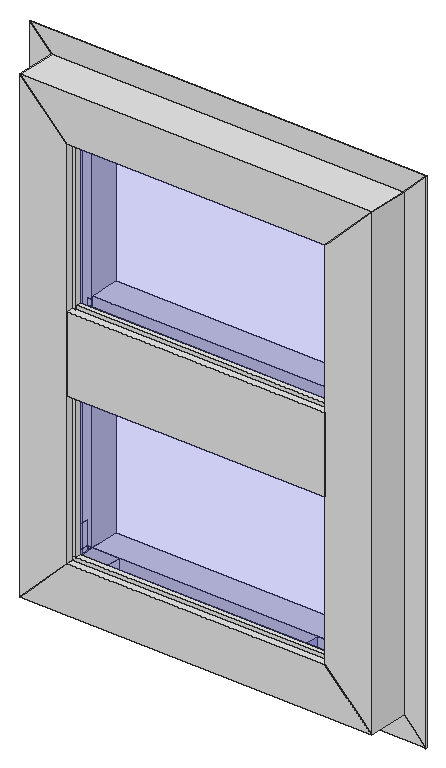
Revit family "511_2V_PW_nailfin", category Windows, host Wall, Revit 2016
Family settings
  Host = Wall
  OmniClass Number = 23.30.20.00
  OmniClass Title = Windows
  Always vertical = Yes
  Cut with Voids When Loaded = No
  Shared = No
  Room Calculation Point = No
Parameters (values of type "18x24")
  MLW = 1 / 8 * Bar set  # 1 1/2"
  Interior Color [instance] = White
  Height = 24"
  Exterior Color [instance] = White
  Default Sill Height = 31.49606"
  Wall Closure = By host
  Width = 18"
  Bar set = 1 / 2 * Height  # 12"
Types (136): name | MLW | Interior Color | Height | Exterior Color | Width | Bar set
  (no name) | 1 1/2" | White | 24" | White | 18" | 12"
  36x72 | 4 1/2" | none | 72" | none | 36" | 36"
  24x48 | 3" | none | 48" | none | 24" | 24"
  12x24Min | 1 1/2" | none | 24" | none | 12" | 12"
  72x120Max | 7 1/2" | none | 120" | none | 72" | 60"
  48x96 | 6" | none | 96" | none | 48" | 48"
  60x120 | 7 1/2" | none | 120" | none | 60" | 60"
  12x30 | 1 7/8" | none | 30" | none | 12" | 15"
  12x36 | 2 1/4" | none | 36" | none | 12" | 18"
  12x42 | 2 5/8" | none | 42" | none | 12" | 21"
  12x48 | 3" | none | 48" | none | 12" | 24"
  12x54 | 3 3/8" | none | 54" | none | 12" | 27"
  24x24 | 1 1/2" | none | 24" | none | 24" | 12"
  24x30 | 1 7/8" | none | 30" | none | 24" | 15"
  18x24 | 1 1/2" | White | 24" | White | 18" | 12"
  18x30 | 1 7/8" | none | 30" | none | 18" | 15"
  18x36 | 2 1/4" | none | 36" | none | 18" | 18"
  18x42 | 2 5/8" | none | 42" | none | 18" | 21"
  18x48 | 3" | none | 48" | none | 18" | 24"
  18x54 | 3 3/8" | none | 54" | none | 18" | 27"
  18x60 | 3 3/4" | none | 60" | none | 18" | 30"
  18x66 | 4 1/8" | none | 66" | none | 18" | 33"
  24x36 | 2 1/4" | none | 36" | none | 24" | 18"
  24x42 | 2 5/8" | none | 42" | none | 24" | 21"
  24x54 | 3 3/8" | none | 54" | none | 24" | 27"
  24x60 | 3 3/4" | none | 60" | none | 24" | 30"
  24x66 | 4 1/8" | none | 66" | none | 24" | 33"
  24x72 | 4 1/2" | none | 72" | none | 24" | 36"
  24x78 | 4 7/8" | none | 78" | none | 24" | 39"
  30x24 | 1 1/2" | none | 24" | none | 30" | 12"
  30x30 | 1 7/8" | none | 30" | none | 30" | 15"
  30x36 | 2 1/4" | none | 36" | none | 30" | 18"
  30x42 | 2 5/8" | none | 42" | none | 30" | 21"
  30x48 | 3" | none | 48" | none | 30" | 24"
  30x54 | 3 3/8" | none | 54" | none | 30" | 27"
  30x60 | 3 3/4" | none | 60" | none | 30" | 30"
  30x66 | 4 1/8" | none | 66" | none | 30" | 33"
  30x72 | 4 1/2" | none | 72" | none | 30" | 36"
  30x78 | 4 7/8" | none | 78" | none | 30" | 39"
  30x84 | 5 1/4" | none | 84" | none | 30" | 42"
  36x90 | 5 5/8" | none | 90" | none | 30" | 45"
  36x24 | 1 1/2" | none | 24" | none | 36" | 12"
  36x30 | 1 7/8" | none | 30" | none | 36" | 15"
  36x36 | 2 1/4" | none | 36" | none | 36" | 18"
  36x42 | 2 5/8" | none | 42" | none | 36" | 21"
  36x48 | 3" | none | 48" | none | 36" | 24"
  36x54 | 3 3/8" | none | 54" | none | 36" | 27"
  36x60 | 3 3/4" | none | 60" | none | 36" | 30"
  36x66 | 4 1/8" | none | 66" | none | 36" | 33"
  36x78 | 4 7/8" | none | 78" | none | 36" | 39"
  36x84 | 5 1/4" | none | 84" | none | 36" | 42"
  36x96 | 6" | none | 96" | none | 30" | 48"
  36x102 | 6 3/8" | none | 102" | none | 30" | 51"
  42x24 | 1 1/2" | none | 24" | none | 42" | 12"
  42x30 | 1 7/8" | none | 30" | none | 42" | 15"
  42x36 | 2 1/4" | none | 36" | none | 42" | 18"
  42x42 | 2 5/8" | none | 42" | none | 42" | 21"
  42x48 | 3" | none | 48" | none | 42" | 24"
  42x54 | 3 3/8" | none | 54" | none | 42" | 27"
  42x60 | 3 3/4" | none | 60" | none | 42" | 30"
  42x66 | 4 1/8" | none | 66" | none | 42" | 33"
  42x72 | 4 1/2" | none | 72" | none | 42" | 36"
  42x78 | 4 7/8" | none | 78" | none | 42" | 39"
  42x84 | 5 1/4" | none | 84" | none | 42" | 42"
  42x90 | 5 5/8" | none | 90" | none | 42" | 45"
  42x96 | 6" | none | 96" | none | 42" | 48"
  42x102 | 6 3/8" | none | 102" | none | 42" | 51"
  42x108 | 6 3/4" | none | 108" | none | 42" | 54"
  42x114 | 7 1/8" | none | 114" | none | 42" | 57"
  48x30 | 1 7/8" | none | 30" | none | 48" | 15"
  48x36 | 2 1/4" | none | 36" | none | 48" | 18"
  48x42 | 2 5/8" | none | 42" | none | 48" | 21"
  48x48 | 3" | none | 48" | none | 48" | 24"
  48x54 | 3 3/8" | none | 54" | none | 48" | 27"
  48x60 | 3 3/4" | none | 60" | none | 48" | 30"
  48x66 | 4 1/8" | none | 66" | none | 48" | 33"
  48x72 | 4 1/2" | none | 72" | none | 48" | 36"
  48x78 | 4 7/8" | none | 78" | none | 48" | 39"
  48x84 | 5 1/4" | none | 84" | none | 48" | 42"
  48x90 | 5 5/8" | none | 90" | none | 48" | 45"
  48x102 | 6 3/8" | none | 102" | none | 48" | 51"
  48x108 | 6 3/4" | none | 108" | none | 48" | 54"
  48x114 | 7 1/8" | none | 114" | none | 48" | 57"
  48x120 | 7 1/2" | none | 120" | none | 48" | 60"
  54x36 | 2 1/4" | none | 36" | none | 54" | 18"
  54x42 | 2 5/8" | none | 42" | none | 54" | 21"
  54x48 | 3" | none | 48" | none | 54" | 24"
  54x54 | 3 3/8" | none | 54" | none | 54" | 27"
  54x60 | 3 3/4" | none | 60" | none | 54" | 30"
  54x66 | 4 1/8" | none | 66" | none | 54" | 33"
  54x72 | 4 1/2" | none | 72" | none | 54" | 36"
  54x78 | 4 7/8" | none | 78" | none | 54" | 39"
  54x84 | 5 1/4" | none | 84" | none | 54" | 42"
  54x90 | 5 5/8" | none | 90" | none | 54" | 45"
  54x96 | 6" | none | 96" | none | 54" | 48"
  54x102 | 6 3/8" | none | 102" | none | 54" | 51"
  54x108 | 6 3/4" | none | 108" | none | 54" | 54"
  54x114 | 7 1/8" | none | 114" | none | 54" | 57"
  54x120 | 7 1/2" | none | 120" | none | 54" | 60"
  60x42 | 2 5/8" | none | 42" | none | 60" | 21"
  60x48 | 3" | none | 48" | none | 60" | 24"
  60x54 | 3 3/8" | none | 54" | none | 60" | 27"
  60x60 | 3 3/4" | none | 60" | none | 60" | 30"
  60x66 | 4 1/8" | none | 66" | none | 60" | 33"
  60x72 | 4 1/2" | none | 72" | none | 60" | 36"
  60x78 | 4 7/8" | none | 78" | none | 60" | 39"
  60x84 | 5 1/4" | none | 84" | none | 60" | 42"
  60x90 | 5 5/8" | none | 90" | none | 60" | 45"
  60x96 | 6" | none | 96" | none | 60" | 48"
  60x102 | 6 3/8" | none | 102" | none | 60" | 51"
  60x108 | 6 3/4" | none | 108" | none | 60" | 54"
  60x114 | 7 1/8" | none | 114" | none | 60" | 57"
  66x48 | 3" | none | 48" | none | 66" | 24"
  66x54 | 3 3/8" | none | 54" | none | 66" | 27"
  66x60 | 3 3/4" | none | 60" | none | 66" | 30"
  66x66 | 4 1/8" | none | 66" | none | 66" | 33"
  66x72 | 4 1/2" | none | 72" | none | 66" | 36"
  66x78 | 4 7/8" | none | 78" | none | 66" | 39"
  66x84 | 5 1/4" | none | 84" | none | 66" | 42"
  66x90 | 5 5/8" | none | 90" | none | 66" | 45"
  66x96 | 6" | none | 96" | none | 66" | 48"
  66x102 | 6 3/8" | none | 102" | none | 66" | 51"
  66x108 | 6 3/4" | none | 108" | none | 66" | 54"
  66x114 | 7 1/8" | none | 114" | none | 66" | 57"
  66x120 | 7 1/2" | none | 120" | none | 66" | 60"
  72x54 | 3 3/8" | none | 54" | none | 72" | 27"
  72x60 | 3 3/4" | none | 60" | none | 72" | 30"
  72x66 | 4 1/8" | none | 66" | none | 72" | 33"
  72x72 | 4 1/2" | none | 72" | none | 72" | 36"
  72x78 | 4 7/8" | none | 78" | none | 72" | 39"
  72x84 | 5 1/4" | none | 84" | none | 72" | 42"
  72x90 | 5 5/8" | none | 90" | none | 72" | 45"
  72x96 | 6" | none | 96" | none | 72" | 48"
  72x102 | 6 3/8" | none | 102" | none | 72" | 51"
  72x108 | 6 3/4" | none | 108" | none | 72" | 54"
  72x114 | 7 1/8" | none | 114" | none | 72" | 57"
Reference planes (in)
  plane 1 "Center (Front/Back)": y = 0
  plane 2 "Center (Left/Right)": x = 0
  plane 3 "Left": x = -9
  plane 4 "Right": x = 9
  plane 5 "Sill": z = 31.49606
  plane 6 "Head": z = 55.49606
  plane 7 "Exterior": y = 3.93701
  plane 8 "Interior": y = -3.93701
  plane 9 "Front of wall": y = 3.93701
  plane 10 "Bar set": z = 43.49606
  plane 11: z = 33.55906
  plane 12: z = 53.43306
  plane 13: z = 45.12006
  plane 14: z = 41.84506
  plane 15: x = -6.937
  plane 16: x = 6.937
Forms (in)
  Extrusion 1, solid, material "White" <- "Interior Color"
    sketch origin (0, 0, 0) x (0, -1, 0) y (0, 0, 1)
      loop
        line (-5.30701, 43.6375) -> (-5.30701, 43.35463) -> (-4.78995, 43.28196) -> (-4.78995, 41.34171) -> (-3.25701, 41.34171) -> (-3.25701, 41.84506) -> (-2.51251, 41.84506) -> (-2.51251, 41.34506) -> (-2.26201, 41.34506) -> (-2.26201, 41.55906) -> (-1.88701, 41.55906) -> (-1.88701, 45.43306) -> (-2.26201, 45.43306) -> (-2.26201, 45.62106) -> (-2.51251, 45.62106) -> (-2.51251, 45.12006) -> (-3.25701, 45.12006) -> (-3.25701, 45.62428) -> (-4.78988, 45.62428) -> (-4.78988, 43.71017) -> (-5.30701, 43.6375)
    from -9 to 9
  Sweep 2, void
    path in 3D
      loop
        line (7.53843, 9.138, 43.49606) -> (7.53843, 3.93701, 43.49606)
    profile origin (7.53843, 6.5375, 43.49606) x (1, 0, 0) y (0, 0, 1)
      loop
        line (-2.44053, 2.12821) -> (-2.44053, -2.15435) -> (0.80947, -2.15435) -> (0.80947, 2.12821) -> (-2.44053, 2.12821)
  Sweep 3, void
    path in 3D
      loop
        line (-6.10818, 8.55312, 43.49606) -> (-6.10818, 3.93701, 43.49606)
    profile origin (-6.10818, 6.24507, 43.49606) x (1, 0, 0) y (0, 0, 1)
      loop
        line (0.26027, 2.12821) -> (-2.23973, 2.12821) -> (-2.23973, -2.15435) -> (0.26027, -2.15435) -> (0.26027, 2.12821)
  Extrusion 4, void
    sketch origin (0, 3.93701, 0) x (1, 0, 0) y (0, 0, 1)
      loop
        line (-6.625, 45.43306) -> (-6.437, 45.43306) -> (-6.437, 46.12428) -> (-11.71735, 46.12428) -> (-11.71735, 40.87428) -> (-6.437, 40.87428) -> (-6.437, 41.55906) -> (-6.625, 41.55906) -> (-6.625, 45.43306)
    from 0 to 12
  Extrusion 5, void
    sketch origin (0, 3.93701, 0) x (1, 0, 0) y (0, 0, 1)
      loop
        line (6.625, 45.43306) -> (6.625, 41.55906) -> (6.437, 41.55906) -> (6.437, 40.62428) -> (10.875, 40.62428) -> (10.875, 46.12428) -> (6.437, 46.12428) -> (6.437, 45.43306) -> (6.625, 45.43306)
    from 0 to 12
  Extrusion 6, solid, material "Glass"
    sketch origin (0, 0, 0) x (0, -1, 0) y (0, 0, 1)
      loop
        line (-3.25701, 53.43306) -> (-3.25701, 45.12006) -> (-2.51251, 45.12006) -> (-2.51251, 53.43306) -> (-3.25701, 53.43306)
    from -6.937 to 6.937
  Extrusion 7, solid, material "Glass"
    sketch origin (0, 0, 0) x (0, -1, 0) y (0, 0, 1)
      loop
        line (-3.25701, 41.84506) -> (-3.25701, 33.55906) -> (-2.51251, 33.55906) -> (-2.51251, 41.84506) -> (-3.25701, 41.84506)
    from -6.937 to 6.937
  Sweep 8, void
    path in 3D
      loop
        line (7.53843, 9.138, 43.49606) -> (7.53843, 3.93701, 43.49606)
    profile origin (7.53843, 6.5375, 43.49606) x (1, 0, 0) y (0, 0, 1)
      loop
        line (1.16639, -2.58466) -> (3.91639, -2.58466) -> (3.91639, 2.30054) -> (1.16639, 2.30054) -> (1.16639, -2.58466)
  Sweep 9, void
    path in 3D
      loop
        line (-6.10818, 8.55312, 43.49606) -> (-6.10818, 3.93701, 43.49606)
    profile origin (-6.10818, 6.24507, 43.49606) x (1, 0, 0) y (0, 0, 1)
      loop
        line (-2.50492, -2.51798) -> (-2.50492, 2.73202) -> (-5.00492, 2.73202) -> (-5.00492, -2.51798) -> (-2.50492, -2.51798)
  Extrusion 10, solid, material "White" <- "Interior Color"
    sketch origin (0, 0, 43.49606) x (1, 0, 0) y (0, 1, 0)
      loop
        line (-6.437, 2.51251) -> (-6.937, 2.51251) -> (-6.937, 3.25701) -> (-6.41365, 3.25701) -> (-6.41365, 4.78995) -> (-8.3479, 4.78995) -> (-8.43181, 5.38701) -> (-9.02, 5.38701) -> (-9.02, 5.26201) -> (-8.98, 5.26201) -> (-8.98, 5.10257) -> (-9, 5.07401) -> (-9, 4.01201) -> (-10.125, 4.01201) -> (-10.125, 3.93701) -> (-9, 3.93701) -> (-9, 1.88701) -> (-6.625, 1.88701) -> (-6.625, 2.26201) -> (-6.437, 2.26201) -> (-6.437, 2.51251)
    from -13.125 to 13.125
  Extrusion 11, solid, material "White" <- "Interior Color"
    sketch origin (0, 0, 43.49606) x (1, 0, 0) y (0, 1, 0)
      loop
        line (8.98, 5.10257) -> (8.98, 5.26201) -> (9.02, 5.26201) -> (9.02, 5.38701) -> (8.43181, 5.38701) -> (8.3479, 4.78995) -> (6.43492, 4.78995) -> (6.43492, 3.25701) -> (6.937, 3.25701) -> (6.937, 2.51251) -> (6.437, 2.51251) -> (6.437, 2.26201) -> (6.625, 2.26201) -> (6.625, 1.88701) -> (9, 1.88701) -> (9, 3.93701) -> (10.125, 3.93701) -> (10.125, 4.01201) -> (9, 4.01201) -> (9, 5.07401) -> (8.98, 5.10257)
    from -13.125 to 13.125
  Extrusion 12, solid, material "White" <- "Interior Color"
    sketch origin (0, 0, 0) x (0, -1, 0) y (0, 0, 1)
      loop
        line (-5.07401, 31.49606) -> (-4.01201, 31.49606) -> (-4.01201, 30.37106) -> (-3.93701, 30.37106) -> (-3.93701, 31.49606) -> (-1.88701, 31.49606) -> (-1.88701, 33.87106) -> (-2.26201, 33.87106) -> (-2.26201, 34.05906) -> (-2.51251, 34.05906) -> (-2.51251, 33.55906) -> (-3.25701, 33.55906) -> (-3.25701, 34.06237) -> (-4.78999, 34.06237) -> (-4.78999, 32.14816) -> (-5.38701, 32.06425) -> (-5.38701, 31.47606) -> (-5.26201, 31.47606) -> (-5.26201, 31.51606) -> (-5.10865, 31.51606) -> (-5.07401, 31.49606)
    from -10.125 to 10.125
  Extrusion 13, solid, material "White" <- "Interior Color"
    sketch origin (0, 0, 0) x (0, -1, 0) y (0, 0, 1)
      loop
        line (-5.1169, 55.47606) -> (-5.26201, 55.47606) -> (-5.26201, 55.51606) -> (-5.38701, 55.51606) -> (-5.38701, 54.92787) -> (-4.78995, 54.84396) -> (-4.78995, 52.90371) -> (-3.25701, 52.90371) -> (-3.25701, 53.43306) -> (-2.51251, 53.43306) -> (-2.51251, 52.93306) -> (-2.26201, 52.93306) -> (-2.26201, 53.12106) -> (-1.88701, 53.12106) -> (-1.88701, 55.49606) -> (-3.93701, 55.49606) -> (-3.93701, 56.62106) -> (-4.01201, 56.62106) -> (-4.01201, 55.49606) -> (-5.07401, 55.49606) -> (-5.1169, 55.47606)
    from -10.125 to 10.125
  Sweep 14, void
    path in 3D
      loop
        line (7.24302, 9.96311, 55.49606) -> (7.24302, 3.93701, 55.49606)
    profile origin (7.24302, 6.95006, 55.49606) x (1, 0, 0) y (0, 0, 1)
      loop
        line (4.41462, 2.65765) -> (-4.39512, 2.65765) -> (-4.39512, -2.59235) -> (1.10488, -2.59235) -> (1.10488, -0.6521) -> (4.41462, 2.65765)
  Sweep 15, void
    path in 3D
      loop
        line (7.24302, 9.96311, 55.49606) -> (7.24302, 3.93701, 55.49606)
    profile origin (7.24302, 6.95006, 55.49606) x (1, 0, 0) y (0, 0, 1)
      loop
        line (1.10488, -3.75045) -> (3.75653, -3.75045) -> (3.75653, 1.99955) -> (1.10488, -0.6521) -> (1.10488, -3.75045)
  Sweep 16, void
    path in 3D
      loop
        line (-7.18972, 9.75772, 55.49606) -> (-7.18972, 3.93701, 55.49606)
    profile origin (-7.18972, 6.84736, 55.49606) x (1, 0, 0) y (0, 0, 1)
      loop
        line (1.7205, -2.59235) -> (1.7205, 1.46922) -> (-3.2795, 1.46922) -> (-1.15818, -0.6521) -> (-1.15818, -2.59235) -> (1.7205, -2.59235)
  Sweep 17, void
    path in 3D
      loop
        line (-7.18972, 9.75772, 55.49606) -> (-7.18972, 3.93701, 55.49606)
    profile origin (-7.18972, 6.84736, 55.49606) x (1, 0, 0) y (0, 0, 1)
      loop
        line (-1.15818, -3.75) -> (-1.15818, -0.6521) -> (-3.45628, 1.646) -> (-3.45628, -3.75) -> (-1.15818, -3.75)
  Sweep 18, void
    path in 3D
      loop
        line (-8.18972, 9.75772, 31.49606) -> (-8.18972, 3.93701, 31.49606)
    profile origin (-8.18972, 6.84736, 31.49606) x (1, 0, 0) y (0, 0, 1)
      loop
        line (2.90984, 2.56631) -> (-0.15818, 2.56631) -> (-0.15818, 0.65209) -> (-3.34016, -2.52989) -> (2.90984, -2.52989) -> (2.90984, 2.56631)
  Sweep 19, void
    path in 3D
      loop
        line (-8.18972, 9.75772, 31.49606) -> (-8.18972, 3.93701, 31.49606)
    profile origin (-8.18972, 6.84736, 31.49606) x (1, 0, 0) y (0, 0, 1)
      loop
        line (-0.15818, 3.88222) -> (-3.16339, 3.88222) -> (-3.16339, -2.35311) -> (-0.15818, 0.65209) -> (-0.15818, 3.88222)
  Sweep 20, void
    path in 3D
      loop
        line (7.77539, 9.61707, 31.49606) -> (7.77539, 3.93701, 31.49606)
    profile origin (7.77539, 6.77704, 31.49606) x (1, 0, 0) y (0, 0, 1)
      loop
        line (-3.02539, 2.56631) -> (-3.02539, -1.646) -> (2.8706, -1.646) -> (0.57251, 0.65209) -> (0.57251, 2.56631) -> (-3.02539, 2.56631)
  Sweep 21, void
    path in 3D
      loop
        line (7.77539, 9.61707, 31.49606) -> (7.77539, 3.93701, 31.49606)
    profile origin (7.77539, 6.77704, 31.49606) x (1, 0, 0) y (0, 0, 1)
      loop
        line (0.57251, 3.5) -> (0.57251, 0.65209) -> (2.62082, -1.39622) -> (2.62082, 3.5) -> (0.57251, 3.5)
  Extrusion 22, void
    sketch origin (0, 3.93701, 0) x (1, 0, 0) y (0, 0, 1)
      loop
        line (-5.45343, 52.93306) -> (-5.45343, 57.84553) -> (-11.34947, 57.84553) -> (-6.625, 53.12106) -> (-6.625, 52.93306) -> (-5.45343, 52.93306)
    from 0 to 12
  Extrusion 23, void
    sketch origin (0, 3.93701, 0) x (1, 0, 0) y (0, 0, 1)
      loop
        line (-6.625, 51.99606) -> (-6.625, 53.12106) -> (-11, 57.49606) -> (-11, 51.99606) -> (-6.625, 51.99606)
    from 0 to 12
  Extrusion 24, void
    sketch origin (0, 3.93701, 0) x (1, 0, 0) y (0, 0, 1)
      loop
        line (5.75, 52.93306) -> (6.625, 52.93306) -> (6.625, 53.12106) -> (10.69086, 57.18693) -> (5.75, 57.18693) -> (5.75, 52.93306)
    from 0 to 12
  Extrusion 25, void
    sketch origin (0, 3.93701, 0) x (1, 0, 0) y (0, 0, 1)
      loop
        line (6.625, 51.01015) -> (10.51409, 51.01015) -> (10.51409, 57.01015) -> (6.625, 53.12106) -> (6.625, 51.01015)
    from 0 to 12
  Extrusion 26, void
    sketch origin (0, 3.93701, 0) x (1, 0, 0) y (0, 0, 1)
      loop
        line (5.15633, 34.05906) -> (5.15633, 29.62842) -> (10.86764, 29.62842) -> (6.625, 33.87106) -> (6.625, 34.05906) -> (5.15633, 34.05906)
    from 0 to 12
  Extrusion 27, void
    sketch origin (0, 3.93701, 0) x (1, 0, 0) y (0, 0, 1)
      loop
        line (6.625, 35.24606) -> (6.625, 33.87106) -> (11, 29.49606) -> (11, 35.24606) -> (6.625, 35.24606)
    from 0 to 12
  Extrusion 28, void
    sketch origin (0, 3.93701, 0) x (1, 0, 0) y (0, 0, 1)
      loop
        line (-5, 34.05906) -> (-6.625, 34.05906) -> (-6.625, 33.87106) -> (-11.52989, 28.96618) -> (-5, 28.96618) -> (-5, 34.05906)
    from 0 to 12
  Extrusion 29, void
    sketch origin (0, 3.93701, 0) x (1, 0, 0) y (0, 0, 1)
      loop
        line (-6.625, 35.24606) -> (-10.71044, 35.24606) -> (-10.71044, 29.78562) -> (-6.625, 33.87106) -> (-6.625, 35.24606)
    from 0 to 12
Cuts and joins
  Extrusion 4, Extrusion 5, Sweep 8, Sweep 9 cuts Extrusion 1
  Sweep 3, Sweep 16, Sweep 18, Extrusion 22, Extrusion 28 cuts Extrusion 10
  Sweep 2, Sweep 14, Sweep 20, Extrusion 24, Extrusion 26 cuts Extrusion 11
  Sweep 15, Sweep 17, Extrusion 23, Extrusion 25 cuts Extrusion 13
  Sweep 19, Sweep 21, Extrusion 27, Extrusion 29 cuts Extrusion 12
  Extrusion 26, Extrusion 27, Extrusion 28, Extrusion 29 cuts Extrusion 7
Lines and regions (in)
  Opening 1
    outline origin (137.79528, -3.93701, 0) x (1, 0, 0) y (0, 0, 1)
      loop
        line (-128.79528, 31.49606) -> (-128.79528, 55.49606) -> (-146.79528, 55.49606) -> (-146.79528, 31.49606) -> (-128.79528, 31.49606)
  reference lines
    curve 1: line (9, 3.93701, 55.49606) -> (-9, 3.93701, 55.49606)
    curve 2: line (-9, 3.93701, 55.49606) -> (-9, 3.93701, 31.49606)
    curve 3: line (-9, 3.93701, 31.49606) -> (9, 3.93701, 31.49606)
    curve 4: line (9, 3.93701, 31.49606) -> (9, 3.93701, 55.49606)
    curve 5: line (-6.10818, 8.55312, 43.49606) -> (-6.10818, 3.93701, 43.49606)
    curve 6: line (7.53843, 9.138, 43.49606) -> (7.53843, 3.93701, 43.49606)
    curve 11: line (-8.18972, 9.75772, 31.49606) -> (-8.18972, 3.93701, 31.49606)
    curve 12: line (-7.18972, 9.75772, 55.49606) -> (-7.18972, 3.93701, 55.49606)
    curve 13: line (7.24302, 9.96311, 55.49606) -> (7.24302, 3.93701, 55.49606)
    curve 14: line (7.77539, 9.61707, 31.49606) -> (7.77539, 3.93701, 31.49606)
    curve 23: line (2.5, 3.93701, 51.99606) -> (-2.5, 3.93701, 51.99606)
    curve 24: line (2.5, 3.93701, 46.99606) -> (2.5, 3.93701, 51.99606)
    curve 25: line (-2.5, 3.93701, 46.99606) -> (2.5, 3.93701, 46.99606)
    curve 26: line (-2.5, 3.93701, 51.99606) -> (-2.5, 3.93701, 46.99606)
    curve 30: line (0, 3.93701, 46.99606) -> (0, 3.93701, 53.49606)
    curve 31: line (2.5, 3.93701, 49.49606) -> (-0.85915, 3.93701, 49.49606)
    curve 32: line (2.5, 3.93701, 39.99606) -> (-2.5, 3.93701, 39.99606)
    curve 33: line (2.5, 3.93701, 34.99606) -> (2.5, 3.93701, 39.99606)
    curve 34: line (-2.5, 3.93701, 34.99606) -> (2.5, 3.93701, 34.99606)
    curve 35: line (-2.5, 3.93701, 39.99606) -> (-2.5, 3.93701, 34.99606)
    curve 39: line (0, 3.93701, 34.99606) -> (0, 3.93701, 41.49606)
    curve 40: line (2.5, 3.93701, 37.49606) -> (-3.75, 3.93701, 37.49606)
    curve 41: line (2.5, 0, 39.99606) -> (-2.5, 0, 39.99606)
    curve 42: line (2.5, 0, 34.99606) -> (2.5, 0, 39.99606)
    curve 43: line (-2.5, 0, 34.99606) -> (2.5, 0, 34.99606)
    curve 44: line (-2.5, 0, 39.99606) -> (-2.5, 0, 34.99606)
    curve 45: line (0, 0, 34.99606) -> (0, 0, 41.49606)
    curve 46: line (2.5, 0, 37.49606) -> (-5, 0, 37.49606)
    curve 50: line (2.5, 0, 51.99606) -> (-2.5, 0, 51.99606)
    curve 51: line (2.5, 0, 46.99606) -> (2.5, 0, 51.99606)
    curve 52: line (-2.5, 0, 46.99606) -> (2.5, 0, 46.99606)
    curve 53: line (-2.5, 0, 51.99606) -> (-2.5, 0, 46.99606)
    curve 54: line (0, 0, 46.99606) -> (0, 0, 53.49606)
    curve 55: line (2.5, 0, 49.49606) -> (-5, 0, 49.49606)
  sketch lines
    curve 7: line (7.53843, 9.138, 43.49606) -> (7.53843, 3.93701, 43.49606)
    curve 8: line (-6.10818, 8.55312, 43.49606) -> (-6.10818, 3.93701, 43.49606)
    curve 9: line (7.53843, 9.138, 43.49606) -> (7.53843, 3.93701, 43.49606)
    curve 10: line (-6.10818, 8.55312, 43.49606) -> (-6.10818, 3.93701, 43.49606)
    curve 15: line (7.24302, 9.96311, 55.49606) -> (7.24302, 3.93701, 55.49606)
    curve 16: line (7.24302, 9.96311, 55.49606) -> (7.24302, 3.93701, 55.49606)
    curve 17: line (-7.18972, 9.75772, 55.49606) -> (-7.18972, 3.93701, 55.49606)
    curve 18: line (-7.18972, 9.75772, 55.49606) -> (-7.18972, 3.93701, 55.49606)
    curve 19: line (-8.18972, 9.75772, 31.49606) -> (-8.18972, 3.93701, 31.49606)
    curve 20: line (-8.18972, 9.75772, 31.49606) -> (-8.18972, 3.93701, 31.49606)
    curve 21: line (7.77539, 9.61707, 31.49606) -> (7.77539, 3.93701, 31.49606)
    curve 22: line (7.77539, 9.61707, 31.49606) -> (7.77539, 3.93701, 31.49606)
  model lines
    curve 27: line (2.5, 3.93701, 51.99606) -> (-2.5, 3.93701, 46.99606)
    curve 28: line (-2.5, 3.93701, 49.49606) -> (0, 3.93701, 51.99606)
    curve 29: line (0, 3.93701, 46.99606) -> (2.5, 3.93701, 49.49606)
    curve 36: line (2.5, 3.93701, 39.99606) -> (-2.5, 3.93701, 34.99606)
    curve 37: line (-2.5, 3.93701, 37.49606) -> (0, 3.93701, 39.99606)
    curve 38: line (0, 3.93701, 34.99606) -> (2.5, 3.93701, 37.49606)
  symbolic lines
    curve 47: line (0, 3.93701, 34.99606) -> (2.5, 3.93701, 37.49606)
    curve 48: line (-2.5, 3.93701, 34.99606) -> (2.5, 3.93701, 39.99606)
    curve 49: line (-2.5, 3.93701, 37.49606) -> (0, 3.93701, 39.99606)
    curve 56: line (0, 3.93701, 46.99606) -> (2.5, 3.93701, 49.49606)
    curve 57: line (-2.5, 3.93701, 46.99606) -> (2.5, 3.93701, 51.99606)
    curve 58: line (-2.5, 3.93701, 49.49606) -> (0, 3.93701, 51.99606)
Text (in)
  text "EXTERIOR" at (-77.29147, 52.45485, 0), in view "Ref. Level"
  text "INTERIOR" at (-78.01048, -32.21994, 0), in view "Ref. Level"
  text "Exterior" at (0, 36.36817, 115.8778), in view "Right"
  text "Exterior" at (0, 40.96394, 105.72475), in view "Left"
Dimensions and locks (in)
  equal spacing: plane 3 "Left", plane 2 "Center (Left/Right)", plane 4 "Right"
  "Width": plane 3 "Left" to plane 4 "Right"
  "Height": plane 5 "Sill" to plane 6 "Head"
  "Default Sill Height": plane 5 "Sill" to level
  locked: plane 7 "Exterior" to host wall at 0
  locked: plane 8 "Interior" to host wall
  "Bar set": plane 10 "Bar set" to plane 6 "Head"
  locked: plane 14 to plane 10 "Bar set" at 1.651
  locked: plane 13 to plane 10 "Bar set" at 1.624
  locked: plane 5 "Sill" to plane 11 at 2.063
  locked: plane 12 to plane 6 "Head" at 2.063
  locked: Extrusion 1 sketch curve to plane 10 "Bar set" at 1.937
  locked: plane 10 "Bar set" to Extrusion 1 sketch curve at 1.937
  locked: Extrusion 1 sketch curve to plane 10 "Bar set" at 0.14143
  locked: plane 10 "Bar set" to Extrusion 1 sketch curve at 0.14143
  locked: plane 16 to plane 4 "Right" at 2.063
  locked: plane 3 "Left" to plane 15 at 2.063
  locked: Extrusion 10 sketch curve to plane 3 "Left" at 1.125
  locked: Extrusion 10 sketch curve to plane 9 "Front of wall" at 2.05
  locked: Extrusion 10 sketch curve to Extrusion 10 sketch curve at 2.375
  locked: plane 4 "Right" to Extrusion 11 sketch curve at 1.125
  locked: Extrusion 11 sketch curve to plane 9 "Front of wall" at 2.05
  locked: Extrusion 11 sketch curve to Extrusion 11 sketch curve at 2.375
  locked: Extrusion 12 sketch curve to plane 5 "Sill" at 1.125
  locked: plane 9 "Front of wall" to Extrusion 12 sketch curve at 2.05
  locked: Extrusion 12 sketch curve to Extrusion 12 sketch curve at 2.375
  locked: plane 9 "Front of wall" to Extrusion 13 sketch curve at 2.05
  locked: Extrusion 13 sketch curve to Extrusion 13 sketch curve at 2.375
  locked: plane 6 "Head" to Extrusion 13 sketch curve at 1.125
  equal spacing: curve 28, curve 27, curve 29
  locked: curve 24 to curve 26 at 5
  locked: curve 25 to curve 23 at 5
  equal spacing: curve 26, curve 30, curve 24
  equal spacing: curve 25, curve 31, curve 23
  plane 5 "Sill" to plane 10 "Bar set" = 12"
  plane 3 "Left" to plane 4 "Right" = 18"
  equal spacing: plane 10 "Bar set", curve 31, plane 6 "Head"
  equal spacing: plane 3 "Left", curve 30, plane 4 "Right"
  equal spacing: curve 37, curve 36, curve 38
  locked: curve 33 to curve 35 at 5
  locked: curve 34 to curve 32 at 5
  equal spacing: curve 35, curve 39, curve 33
  equal spacing: curve 34, curve 40, curve 32
  equal spacing: plane 5 "Sill", curve 40, plane 10 "Bar set"
  equal spacing: plane 3 "Left", curve 39, plane 4 "Right"
  locked: curve 42 to curve 44 at 5
  locked: curve 43 to curve 41 at 5
  equal spacing: curve 44, curve 45, curve 42
  equal spacing: curve 43, curve 46, curve 41
  locked: curve 51 to curve 53 at 5
  locked: curve 52 to curve 50 at 5
  equal spacing: curve 53, curve 54, curve 51
  equal spacing: curve 52, curve 55, curve 50
  equal spacing: plane 10 "Bar set", curve 46, plane 5 "Sill"
  equal spacing: plane 3 "Left", curve 45, plane 4 "Right"
  equal spacing: plane 3 "Left", curve 54, plane 4 "Right"
  equal spacing: plane 6 "Head", curve 55, plane 10 "Bar set"
  aligned and locked: plane 9 "Front of wall" to host wall
  aligned and locked: plane 6 "Head" to curve 1
  aligned and locked: plane 4 "Right" to curve 4
  aligned and locked: curve 2 to plane 3 "Left"
  aligned and locked: curve 3 to plane 5 "Sill"
  aligned and locked: plane 13 to Extrusion 1 sketch curve
  aligned and locked: Extrusion 1 sketch curve to plane 14
  aligned and locked: plane 3 "Left" to Extrusion 1
  aligned and locked: Extrusion 1 to plane 4 "Right"
  aligned and locked: plane 9 "Front of wall" to curve 6
  aligned and locked: plane 9 "Front of wall" to curve 5
  aligned and locked: Extrusion 6 sketch curve to plane 13
  aligned and locked: Extrusion 6 sketch curve to plane 12
  aligned and locked: Extrusion 7 sketch curve to plane 11
  aligned and locked: Extrusion 7 sketch curve to plane 14
  aligned and locked: plane 15 to Extrusion 6
  aligned and locked: Extrusion 6 to plane 16
  aligned and locked: plane 15 to Extrusion 7
  aligned and locked: Extrusion 7 to plane 16
  aligned and locked: plane 3 "Left" to Extrusion 10 sketch curve  (x2)
  aligned and locked: plane 9 "Front of wall" to Extrusion 10 sketch curve
  aligned and locked: Extrusion 10 sketch curve to plane 15
  aligned and locked: plane 16 to Extrusion 11 sketch curve
  aligned and locked: Extrusion 11 sketch curve to plane 4 "Right"  (x2)
  aligned and locked: plane 9 "Front of wall" to Extrusion 11 sketch curve
  aligned and locked: plane 5 "Sill" to Extrusion 12 sketch curve  (x2)
  aligned and locked: plane 9 "Front of wall" to Extrusion 12 sketch curve
  aligned and locked: Extrusion 12 sketch curve to plane 11
  aligned and locked: Extrusion 13 sketch curve to plane 6 "Head"  (x2)
  aligned and locked: plane 9 "Front of wall" to Extrusion 13 sketch curve
  aligned and locked: plane 12 to Extrusion 13 sketch curve
  aligned and locked: Extrusion 11 to Extrusion 12  (x2)
  aligned and locked: Extrusion 12 to Extrusion 10  (x2)
  aligned and locked: Extrusion 13 to Extrusion 11  (x2)
  aligned and locked: Extrusion 10 to Extrusion 13  (x2)
  aligned and locked: plane 9 "Front of wall" to curve 14
  aligned and locked: plane 9 "Front of wall" to curve 13
  aligned and locked: plane 9 "Front of wall" to curve 12
  aligned and locked: plane 9 "Front of wall" to curve 11
  aligned and locked: curve 23 to curve 26
  aligned and locked: curve 26 to curve 26
  aligned and locked: curve 24 to curve 24
  aligned and locked: curve 26 to curve 27
  aligned and locked: curve 27 to curve 23
  aligned and locked: curve 23 to curve 28
  aligned and locked: curve 26 to curve 28
  aligned and locked: curve 25 to curve 29
  aligned and locked: curve 24 to curve 29
  aligned and locked: curve 32 to curve 35
  aligned and locked: curve 35 to curve 35
  aligned and locked: curve 33 to curve 33
  aligned and locked: curve 35 to curve 36
  aligned and locked: curve 36 to curve 32
  aligned and locked: curve 32 to curve 37
  aligned and locked: curve 35 to curve 37
  aligned and locked: curve 34 to curve 38
  aligned and locked: curve 33 to curve 38
  aligned and locked: curve 41 to curve 44
  aligned and locked: curve 44 to curve 44
  aligned and locked: curve 42 to curve 42
  aligned and locked: curve 43 to curve 47
  aligned and locked: curve 48 to curve 43
  aligned and locked: curve 44 to curve 49
  aligned and locked: curve 41 to curve 49
  aligned and locked: curve 42 to curve 48
  aligned and locked: curve 42 to curve 47
  aligned and locked: curve 50 to curve 53
  aligned and locked: curve 53 to curve 53
  aligned and locked: curve 51 to curve 51
  aligned and locked: curve 52 to curve 56
  aligned and locked: curve 57 to curve 52
  aligned and locked: curve 53 to curve 58
  aligned and locked: curve 50 to curve 58
  aligned and locked: curve 51 to curve 57
  aligned and locked: curve 51 to curve 56
Automatic sketch dimensions
  host wall to Extrusion 1 sketch curve = 1.37"
  Extrusion 1 sketch curve to plane 10 "Bar set" = 0.2141"
  Extrusion 1 sketch curve to Extrusion 1 sketch curve = 0.51706"
  host wall to Extrusion 1 sketch curve = 0.85287"
  Extrusion 1 sketch curve to host wall = 0.68"  (x2)
  Extrusion 1 sketch curve to Extrusion 1 sketch curve = 0.2505"  (x2)
  Extrusion 1 sketch curve to Extrusion 1 sketch curve = 3/8"
  plane 10 "Bar set" to Extrusion 1 sketch curve = 0.21411"
  Extrusion 1 sketch curve to Extrusion 1 sketch curve = 0.188"
  Extrusion 1 sketch curve to Extrusion 1 sketch curve = 0.214"
  plane 4 "Right" to curve 6 = 1.46157"
  curve 5 to curve 5 = 4.61611"
  curve 6 to curve 6 = 5.20099"
  Sweep 2 sketch curve to profile plane = 0.80947"
  Sweep 2 sketch curve to profile plane = 2.15435"
  profile plane to Sweep 2 sketch curve = 2.12821"
  profile plane to Sweep 2 sketch curve = 2.44053"
  profile plane to Sweep 3 sketch curve = 2.23973"
  Sweep 3 sketch curve to profile plane = 2.15435"
  profile plane to Sweep 3 sketch curve = 2.12821"
  Sweep 3 sketch curve to profile plane = 0.26027"
  Extrusion 6 sketch curve to host wall = 0.68"
  Extrusion 7 sketch curve to host wall = 0.68"
  curve 5 to plane 3 "Left" = 2.89182"
  Sweep 8 sketch curve to profile plane = 1.16639"
  Sweep 8 sketch curve to Sweep 8 sketch curve = 2 3/4"
  Sweep 8 sketch curve to profile plane = 2.58466"
  profile plane to Sweep 8 sketch curve = 2.30054"
  profile plane to Sweep 9 sketch curve = 5.00492"
  Sweep 9 sketch curve to Sweep 9 sketch curve = 2 1/2"
  Sweep 9 sketch curve to profile plane = 2.51798"
  profile plane to Sweep 9 sketch curve = 2.73202"
  curve 14 to plane 16 = 0.83839"
  curve 14 to curve 14 = 5.68006"
  curve 11 to plane 3 "Left" = 0.81028"
  host wall to curve 11 = 5.82071"
  plane 15 to curve 12 = 0.25272"
  host wall to curve 12 = 5.82071"
  curve 13 to plane 16 = 0.30602"
  host wall to curve 13 = 6.0261"
  profile plane to Sweep 14 sketch curve = 4.39512"
  Sweep 14 sketch curve to profile plane = 1.10488"
  Sweep 14 sketch curve to profile plane = 2.59235"
  Sweep 14 sketch curve to profile plane = 0.6521"
  Sweep 14 sketch curve to profile plane = 4.41462"
  profile plane to Sweep 14 sketch curve = 2.65765"
  Sweep 15 sketch curve to profile plane = 1.10488"
  Sweep 15 sketch curve to Sweep 15 sketch curve = 2.65165"
  Sweep 15 sketch curve to profile plane = 0.6521"
  profile plane to Sweep 15 sketch curve = 1.99955"
  Sweep 15 sketch curve to Sweep 15 sketch curve = 3.09835"
  profile plane to Sweep 16 sketch curve = 1.46922"
  profile plane to Sweep 16 sketch curve = 3.2795"
  profile plane to Sweep 16 sketch curve = 1.15818"
  Sweep 16 sketch curve to profile plane = 0.6521"
  Sweep 16 sketch curve to Sweep 16 sketch curve = 1.94025"
  Sweep 16 sketch curve to profile plane = 1.7205"
  profile plane to Sweep 17 sketch curve = 1.646"
  profile plane to Sweep 17 sketch curve = 3.45628"
  profile plane to Sweep 17 sketch curve = 1.15818"
  Sweep 17 sketch curve to profile plane = 0.6521"
  Sweep 17 sketch curve to Sweep 17 sketch curve = 3.0979"
  profile plane to Sweep 18 sketch curve = 3.34016"
  profile plane to Sweep 18 sketch curve = 0.15818"
  Sweep 18 sketch curve to profile plane = 2.52989"
  profile plane to Sweep 18 sketch curve = 0.65209"
  Sweep 18 sketch curve to Sweep 18 sketch curve = 1.91421"
  Sweep 18 sketch curve to profile plane = 2.90984"
  profile plane to Sweep 19 sketch curve = 3.16339"
  profile plane to Sweep 19 sketch curve = 0.15818"
  Sweep 19 sketch curve to profile plane = 2.35311"
  profile plane to Sweep 19 sketch curve = 0.65209"
  profile plane to Sweep 19 sketch curve = 3.88222"
  Sweep 20 sketch curve to profile plane = 0.57251"
  Sweep 20 sketch curve to profile plane = 2.8706"
  Sweep 20 sketch curve to profile plane = 1.646"
  profile plane to Sweep 20 sketch curve = 0.65209"
  Sweep 20 sketch curve to Sweep 20 sketch curve = 1.91421"
  profile plane to Sweep 20 sketch curve = 3.02539"
  Sweep 21 sketch curve to profile plane = 0.57251"
  Sweep 21 sketch curve to profile plane = 2.62082"
  Sweep 21 sketch curve to profile plane = 1.39622"
  profile plane to Sweep 21 sketch curve = 0.65209"
  profile plane to Sweep 21 sketch curve = 3 1/2"
  plane 3 "Left" to Opening 1 sketch curve = 0"
  Opening 1 sketch curve to plane 4 "Right" = 0"
  Opening 1 sketch curve to plane 5 "Sill" = 0"
  Opening 1 sketch curve to plane 6 "Head" = 0"
  Extrusion 4 sketch curve to plane 13 = 1.00421"
  plane 3 "Left" to Extrusion 4 sketch curve = 2.71735"
  Extrusion 4 sketch curve to plane 15 = 0.312"
  Extrusion 4 sketch curve to Extrusion 4 sketch curve = 0.188"
  Extrusion 4 sketch curve to plane 15 = 1/2"
  Extrusion 4 sketch curve to plane 13 = 0.313"
  plane 14 to Extrusion 4 sketch curve = 0.286"
  Extrusion 4 sketch curve to Extrusion 4 sketch curve = 0.68479"
  plane 16 to Extrusion 5 sketch curve = 1/2"  (x2)
  Extrusion 5 sketch curve to Extrusion 5 sketch curve = 0.188"
  Extrusion 5 sketch curve to plane 4 "Right" = 1 7/8"
  plane 14 to Extrusion 5 sketch curve = 1.22079"
  plane 14 to Extrusion 5 sketch curve = 0.286"
  Extrusion 5 sketch curve to plane 13 = 0.313"
  Extrusion 5 sketch curve to plane 13 = 1.00421"
  plane 3 "Left" to Extrusion 10 sketch curve = 0.02"
  Extrusion 10 sketch curve to plane 3 "Left" = 0.02"
  Extrusion 10 sketch curve to Extrusion 10 sketch curve = 0.54819"
  Extrusion 10 sketch curve to Extrusion 10 sketch curve = 0.08391"
  Extrusion 10 sketch curve to Extrusion 10 sketch curve = 0.188"
  Extrusion 10 sketch curve to plane 15 = 0.52335"
  Extrusion 10 sketch curve to Extrusion 10 sketch curve = 3/8"
  Extrusion 10 sketch curve to Extrusion 10 sketch curve = 0.2505"
  host wall to Extrusion 10 sketch curve = 0.075"
  host wall to Extrusion 10 sketch curve = 0.85294"
  Extrusion 10 sketch curve to Extrusion 10 sketch curve = 0.28406"
  Extrusion 10 sketch curve to Extrusion 10 sketch curve = 0.02856"
  Extrusion 10 sketch curve to Extrusion 10 sketch curve = 0.15944"
  Extrusion 10 sketch curve to Extrusion 10 sketch curve = 1/8"
  Extrusion 11 sketch curve to Extrusion 11 sketch curve = 0.188"
  plane 16 to Extrusion 11 sketch curve = 0.50208"
  plane 4 "Right" to Extrusion 11 sketch curve = 0.6521"
  plane 4 "Right" to Extrusion 11 sketch curve = 0.56819"
  plane 4 "Right" to Extrusion 11 sketch curve = 0.02"
  Extrusion 11 sketch curve to plane 4 "Right" = 0.02"
  Extrusion 11 sketch curve to Extrusion 11 sketch curve = 3/8"
  Extrusion 11 sketch curve to Extrusion 11 sketch curve = 0.2505"
  Extrusion 11 sketch curve to Extrusion 11 sketch curve = 0.7445"
  host wall to Extrusion 11 sketch curve = 0.075"
  host wall to Extrusion 11 sketch curve = 0.85294"
  Extrusion 11 sketch curve to Extrusion 11 sketch curve = 0.28406"
  Extrusion 11 sketch curve to Extrusion 11 sketch curve = 0.02856"
  Extrusion 11 sketch curve to Extrusion 11 sketch curve = 0.15944"
  Extrusion 11 sketch curve to Extrusion 11 sketch curve = 1/8"
  host wall to Extrusion 12 sketch curve = 0.075"
  host wall to Extrusion 12 sketch curve = 0.85298"
  Extrusion 12 sketch curve to Extrusion 12 sketch curve = 0.28402"
  Extrusion 12 sketch curve to plane 5 "Sill" = 0.02"
  Extrusion 12 sketch curve to Extrusion 12 sketch curve = 0.03464"
  Extrusion 12 sketch curve to Extrusion 12 sketch curve = 0.15336"
  Extrusion 12 sketch curve to plane 5 "Sill" = 0.56819"
  Extrusion 12 sketch curve to Extrusion 12 sketch curve = 1/8"
  Extrusion 12 sketch curve to host wall = 0.68"
  Extrusion 12 sketch curve to Extrusion 12 sketch curve = 0.2505"
  plane 5 "Sill" to Extrusion 12 sketch curve = 0.02"
  Extrusion 12 sketch curve to Extrusion 12 sketch curve = 0.08391"
  Extrusion 13 sketch curve to Extrusion 13 sketch curve = 0.075"
  host wall to Extrusion 13 sketch curve = 0.85294"
  Extrusion 13 sketch curve to Extrusion 13 sketch curve = 0.28406"
  plane 6 "Head" to Extrusion 13 sketch curve = 0.02"
  Extrusion 13 sketch curve to Extrusion 13 sketch curve = 0.04289"
  Extrusion 13 sketch curve to Extrusion 13 sketch curve = 0.14511"
  plane 6 "Head" to Extrusion 13 sketch curve = 0.56819"
  Extrusion 13 sketch curve to Extrusion 13 sketch curve = 1/8"
  Extrusion 13 sketch curve to host wall = 0.68"
  Extrusion 13 sketch curve to Extrusion 13 sketch curve = 0.7445"
  Extrusion 13 sketch curve to Extrusion 13 sketch curve = 0.2505"
  Extrusion 13 sketch curve to Extrusion 13 sketch curve = 0.188"
  plane 12 to Extrusion 13 sketch curve = 0.52935"
  Extrusion 13 sketch curve to Extrusion 13 sketch curve = 0.08391"
  Extrusion 13 sketch curve to plane 6 "Head" = 0.02"
  plane 3 "Left" to Extrusion 22 sketch curve = 2.34947"
  Extrusion 22 sketch curve to plane 15 = 0.312"
  plane 12 to Extrusion 22 sketch curve = 1/2"
  Extrusion 22 sketch curve to Extrusion 22 sketch curve = 1.17157"
  Extrusion 22 sketch curve to Extrusion 22 sketch curve = 0.188"
  Extrusion 22 sketch curve to plane 6 "Head" = 2.34947"
  plane 3 "Left" to Extrusion 23 sketch curve = 2"
  Extrusion 23 sketch curve to plane 15 = 0.312"
  plane 12 to Extrusion 23 sketch curve = 1.437"
  plane 12 to Extrusion 23 sketch curve = 0.312"
  Extrusion 23 sketch curve to plane 6 "Head" = 2"
  plane 12 to Extrusion 24 sketch curve = 1/2"
  plane 16 to Extrusion 24 sketch curve = 1.187"
  plane 16 to Extrusion 24 sketch curve = 0.312"
  Extrusion 24 sketch curve to plane 4 "Right" = 1.69086"
  Extrusion 24 sketch curve to Extrusion 24 sketch curve = 0.188"
  Extrusion 24 sketch curve to plane 6 "Head" = 1.69086"
  plane 16 to Extrusion 25 sketch curve = 0.312"
  Extrusion 25 sketch curve to plane 4 "Right" = 1.51409"
  plane 12 to Extrusion 25 sketch curve = 2.42291"
  plane 12 to Extrusion 25 sketch curve = 0.312"
  Extrusion 25 sketch curve to plane 6 "Head" = 1.51409"
  Extrusion 26 sketch curve to plane 11 = 1/2"
  plane 16 to Extrusion 26 sketch curve = 1.78067"
  plane 16 to Extrusion 26 sketch curve = 0.312"
  Extrusion 26 sketch curve to plane 4 "Right" = 1.86764"
  Extrusion 26 sketch curve to Extrusion 26 sketch curve = 0.188"
  plane 5 "Sill" to Extrusion 26 sketch curve = 1.86764"
  plane 16 to Extrusion 27 sketch curve = 0.312"
  Extrusion 27 sketch curve to plane 4 "Right" = 2"
  plane 5 "Sill" to Extrusion 27 sketch curve = 2"
  Extrusion 27 sketch curve to plane 11 = 0.312"
  Extrusion 27 sketch curve to plane 11 = 1.687"
  plane 3 "Left" to Extrusion 28 sketch curve = 2.52989"
  Extrusion 28 sketch curve to plane 15 = 0.312"
  Extrusion 28 sketch curve to plane 11 = 1/2"
  Extrusion 28 sketch curve to Extrusion 28 sketch curve = 1 5/8"
  Extrusion 28 sketch curve to Extrusion 28 sketch curve = 0.188"
  plane 5 "Sill" to Extrusion 28 sketch curve = 2.52989"
  plane 3 "Left" to Extrusion 29 sketch curve = 1.71044"
  Extrusion 29 sketch curve to plane 15 = 0.312"
  plane 5 "Sill" to Extrusion 29 sketch curve = 1.71044"
  Extrusion 29 sketch curve to plane 11 = 0.312"
  Extrusion 29 sketch curve to plane 11 = 1.687"
  curve 37 to plane 2 "Center (Left/Right)" = 0"
  curve 29 to plane 2 "Center (Left/Right)" = 0"
  curve 28 to plane 2 "Center (Left/Right)" = 0"
  curve 38 to plane 2 "Center (Left/Right)" = 0"
  curve 36 to plane 2 "Center (Left/Right)" = 2 1/2"
  curve 28 to curve 27 = 2 1/2"
  curve 38 to curve 36 = 2 1/2"
  curve 29 to curve 27 = 2 1/2"
  curve 40 to curve 32 = 1 1/4"
  plane 2 "Center (Left/Right)" to curve 31 = 0.85915"
  curve 32 to curve 39 = 1 1/2"
  curve 23 to curve 30 = 1 1/2"
  curve 41 to curve 45 = 1 1/2"
  curve 46 to curve 41 = 2 1/2"
  curve 49 to curve 48 = 0"
  curve 49 to curve 48 = 2 1/2"
  curve 48 to curve 47 = 2 1/2"
  curve 48 to curve 49 = 2 1/2"
  curve 47 to curve 47 = 2 1/2"
  curve 47 to curve 48 = 2 1/2"
  curve 50 to curve 54 = 1 1/2"
  curve 55 to curve 53 = 2 1/2"
  curve 58 to curve 57 = 0"
  curve 58 to curve 57 = 2 1/2"
  curve 57 to curve 56 = 2 1/2"
  curve 57 to curve 58 = 2 1/2"
  curve 56 to curve 56 = 2 1/2"
  curve 56 to curve 57 = 2 1/2"
  Extrusion 12 sketch curve to Extrusion 12 sketch curve = 0.6255"
  Extrusion 12 sketch curve to Extrusion 12 sketch curve = 0.188"
  Extrusion 12 sketch curve to plane 11 = 0.50331"
  plane 14 to Extrusion 1 sketch curve = 0.50335"
  Extrusion 1 sketch curve to Extrusion 1 sketch curve = 0.7445"  (x2)
  Extrusion 1 sketch curve to plane 13 = 0.50421"
  Extrusion 6 sketch curve to Extrusion 6 sketch curve = 0.7445"
  Extrusion 7 sketch curve to Extrusion 7 sketch curve = 0.7445"
  Extrusion 10 sketch curve to host wall = 0.68"
